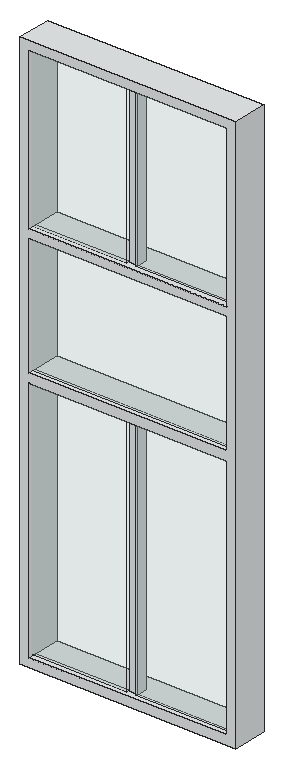
Revit family "CT_Janela_Painel_5Vid", category Windows, host Wall, Revit 2025
Family settings
  Host = Wall
  OmniClass Number = 23.30.20.00
  OmniClass Title = Windows
  Always vertical = Yes
  Cut with Voids When Loaded = No
  Shared = No
  Room Calculation Point = Yes
Parameters (values of type "JAN_125x320_FAC_5PA")
  Material_Vidro = CT_Vidros
  Material_Esquadria = CT_Esquadrias_Aluminio
  Height = 3.250 m
  Espess_Esquadria = 0.050 m
  Define Thermal Properties by = Schematic Type
  Default Sill Height = 0.800 m
  Wall Closure = By host
  Width = 1.250 m
  Analytic Construction = "<None>"
  Alt_Bandeira_Sup = 1.000 m
  Alt_Bandeira_Inf = 1.500 m
Reference planes (m)
  plane 1 "Center (Front/Back)": y = 0
  plane 2 "Center (Left/Right)": x = 0
  plane 3 "Left": x = -0.625
  plane 4 "Right": x = 0.625
  plane 5 "Sill": z = 0.8
  plane 6 "Head": z = 4.05
  plane 7 "Exterior": y = 0.1
  plane 8 "Interior": y = -0.1
  plane 9: z = 3.05
  plane 10: z = 2.3
Forms (m)
  Extrusion 1, solid, material "CT_Esquadrias_Aluminio" <- "Material_Esquadria"
    sketch origin (0, 0.1, 0) x (1, 0, 0) y (0, 0, 1)
      loop
        line (0.625, 4.05) -> (-0.625, 4.05) -> (-0.625, 0.8) -> (0.625, 0.8) -> (0.625, 4.05)
      loop
        line (-0.575, 4) -> (-0.575, 3.075) -> (0.575, 3.075) -> (0.575, 4) -> (-0.575, 4)
      loop
        line (-0.575, 3.025) -> (-0.575, 2.325) -> (0.575, 2.325) -> (0.575, 3.025) -> (-0.575, 3.025)
      loop
        line (-0.575, 0.85) -> (0.575, 0.85) -> (0.575, 2.275) -> (-0.575, 2.275) -> (-0.575, 0.85)
    from 0 to 0.2
  Extrusion 2, solid, material "CT_Vidros" <- "Material_Vidro"
    sketch origin (0, 0.1, 0) x (1, 0, 0) y (0, 0, 1)
      loop
        line (0.575, 4) -> (0.025, 4) -> (0.025, 3.075) -> (0.575, 3.075) -> (0.575, 4)
      loop
        line (-0.025, 4) -> (-0.575, 4) -> (-0.575, 3.075) -> (-0.025, 3.075) -> (-0.025, 4)
      loop
        line (0.575, 3.025) -> (-0.575, 3.025) -> (-0.575, 2.325) -> (0.575, 2.325) -> (0.575, 3.025)
      loop
        line (0.575, 2.275) -> (0.025, 2.275) -> (0.025, 0.85) -> (0.575, 0.85) -> (0.575, 2.275)
      loop
        line (-0.025, 2.275) -> (-0.575, 2.275) -> (-0.575, 0.85) -> (-0.025, 0.85) -> (-0.025, 2.275)
    from 0.158589 to 0.174642
  Extrusion 3, solid, material "CT_Esquadrias_Aluminio" <- "Material_Esquadria"
    sketch origin (0, 0.1, 0) x (-1, 0, 0) y (0, 0, 1)
      loop
        line (-0.025, 3.075) -> (0.025, 3.075) -> (0.025, 4) -> (-0.025, 4) -> (-0.025, 3.075)
    from -0.1 to -0.158589
  Extrusion 4, solid, material "CT_Esquadrias_Aluminio" <- "Material_Esquadria"
    sketch origin (0, 0.1, -1.94) x (-1, 0, 0) y (0, 0, 1)
      loop
        line (-0.025, 2.79) -> (0.025, 2.79) -> (0.025, 4.215) -> (-0.025, 4.215) -> (-0.025, 2.79)
    from -0.1 to -0.158589
Lines and regions (m)
  Opening 1
    outline origin (3.5, -0.1, 0) x (1, 0, 0) y (0, 0, 1)
      loop
        line (-2.875, 0.8) -> (-2.875, 4.05) -> (-4.125, 4.05) -> (-4.125, 0.8) -> (-2.875, 0.8)
Text (m)
  text "EXTERIOR" at (-1.963203, 1.332353, 0), in view "Ref. Level"
  text "INTERIOR" at (-1.981466, -0.818386, 0), in view "Ref. Level"
  text "Exterior" at (0, 0.923751, 2.943296), in view "Right"
  text "Exterior" at (0, 1.040484, 2.685409), in view "Left"
Dimensions and locks (m)
  equal spacing: plane 3 "Left", plane 2 "Center (Left/Right)", plane 4 "Right"
  "Width": plane 3 "Left" to plane 4 "Right"
  "Height": plane 5 "Sill" to plane 6 "Head"
  "Default Sill Height": plane 5 "Sill" to level
  locked: plane 7 "Exterior" to host wall
  locked: plane 8 "Interior" to host wall
  "Alt_Bandeira_Sup": plane 9 to plane 6 "Head"
  "Alt_Bandeira_Inf": plane 5 "Sill" to plane 10
  Extrusion 1 to Extrusion 1 = 0.050 m
  Extrusion 1 sketch curve to plane 9 = 0.025 m
  Extrusion 1 sketch curve to Extrusion 1 sketch curve = 0.050 m  (x2)
  "Espess_Esquadria": Extrusion 1 sketch curve to Extrusion 1 sketch curve  (x4)
  plane 10 to Extrusion 1 sketch curve = 0.025 m
  locked: Extrusion 1 to Extrusion 2 at 0.025358
  locked: Extrusion 2 to Extrusion 2 at 0.016053
  aligned and locked: plane 8 "Interior" to Extrusion 1
  aligned and locked: Extrusion 1 to plane 7 "Exterior"
  aligned and locked: plane 3 "Left" to Extrusion 1
  aligned and locked: Extrusion 1 to plane 4 "Right"
  aligned and locked: Extrusion 1 sketch curve to Extrusion 1 sketch curve  (x4)
  aligned and locked: Extrusion 1 to Extrusion 2 sketch curve  (x6)
  aligned and locked: Extrusion 2 sketch curve to Extrusion 1  (x6)
  aligned and locked: Extrusion 1 to Extrusion 3 sketch curve  (x2)
  aligned and locked: Extrusion 3 sketch curve to Extrusion 2  (x2)
  aligned and locked: Extrusion 3 to Extrusion 2
  aligned and locked: Extrusion 4 to Extrusion 1  (x2)
Automatic sketch dimensions
  plane 3 "Left" to Opening 1 sketch curve = 0.000 m
  Opening 1 sketch curve to plane 4 "Right" = 0.000 m
  Opening 1 sketch curve to plane 5 "Sill" = 0.000 m
  Opening 1 sketch curve to plane 6 "Head" = 0.000 m
  plane 2 "Center (Left/Right)" to Extrusion 2 sketch curve = 0.025 m  (x2)
  Extrusion 2 sketch curve to plane 2 "Center (Left/Right)" = 0.025 m  (x2)
  plane 9 to Extrusion 2 sketch curve = 0.025 m
  plane 6 "Head" to Extrusion 2 sketch curve = 0.050 m
  Extrusion 2 sketch curve to plane 5 "Sill" = 0.050 m
  Extrusion 2 sketch curve to plane 10 = 0.025 m
  Extrusion 1 to Extrusion 4 sketch curve = 0.000 m  (x2)
  Extrusion 1 to Extrusion 4 sketch curve = 0.550 m
  Extrusion 4 sketch curve to Extrusion 4 sketch curve = 0.050 m
  Extrusion 1 sketch curve to plane 3 "Left" = 0.000 m
  plane 4 "Right" to Extrusion 1 sketch curve = 0.000 m
  Extrusion 1 sketch curve to plane 5 "Sill" = 0.000 m
  Extrusion 1 sketch curve to plane 6 "Head" = 0.000 m
  Extrusion 1 sketch curve to plane 10 = 0.025 m
  Extrusion 1 sketch curve to plane 9 = 0.025 m
  plane 9 to Extrusion 1 sketch curve = 0.025 m
  plane 6 "Head" to Extrusion 1 sketch curve = 0.050 m
